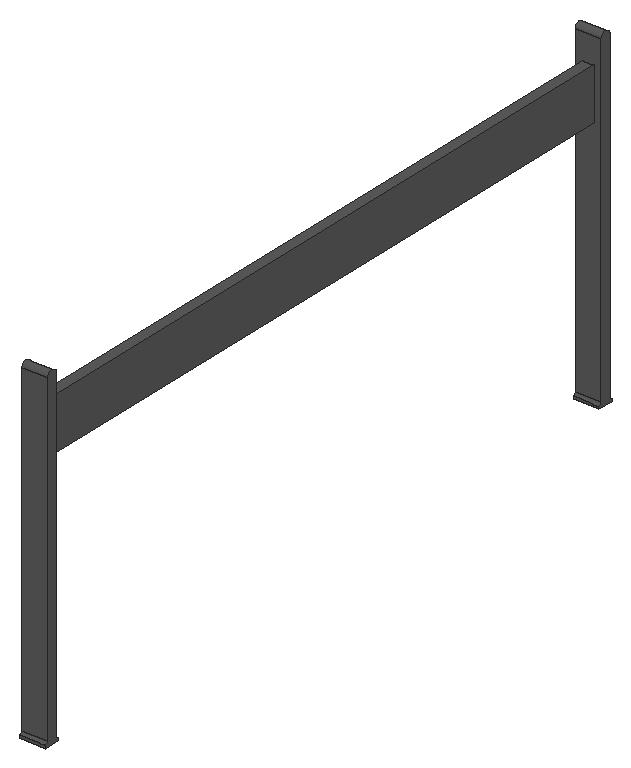
Revit family "FU_Leg_LAP0100", category Furniture, Revit 2020
Family settings
  OmniClass Number = 23.40.20.00
  OmniClass Title = General Furniture and Specialties
  Work Plane-Based = No
  Always vertical = Yes
  Cut with Voids When Loaded = No
  Shared = No
  Room Calculation Point = No
Parameters (values of type "LAP0100")
  URL = "https://www.sandlerseating.com/product/lapse-metal-leg/"
  Model = "LAP0100"
  Manufacturer = "Sandler"
  Frame [instance] = Epoxy - M1_B00 - Black
  Description = "Steel legs for Lapse, finished in black or white epoxy paint."
  Default Elevation = 0 mm
Reference planes
  plane 1 "Center (Front/Back)": y = 0
  plane 2: z = 0
  plane 3 "Center (Left/Right)": x = 0
Forms (mm)
  Extrusion 1, solid, material "Epoxy - M1_B00 - Black" <- "Frame"
    sketch origin (0, 0, 0) x (0, 1, 0) y (0, 0, 1)
      loop
        arc (-330, 320) -> (-335, 325) -> (-340, 320) r 5
        line (-340, 320) -> (-340, 5)
        arc (-340, 5) -> (-340.732, 3.232) -> (-342.5, 2.5) r 2.5
        line (-342.5, 2.5) -> (-342.5, 0) -> (-327.5, 0) -> (-327.5, 2.5)
        arc (-327.5, 2.5) -> (-329.268, 3.232) -> (-330, 5) r 2.5
        line (-330, 5) -> (-330, 320)
    from 12.5 to -12.5
  Extrusion 2, solid, material "Epoxy - M1_B00 - Black" <- "Frame"
    sketch origin (0, 0, 0) x (0, -1, 0) y (0, 0, -1)
      loop
        line (-330, -320) -> (-330, -5)
        arc (-330, -5) -> (-329.268, -3.232) -> (-327.5, -2.5) r 2.5
        line (-327.5, -2.5) -> (-327.5, 0) -> (-342.5, 0) -> (-342.5, -2.5)
        arc (-342.5, -2.5) -> (-340.732, -3.232) -> (-340, -5) r 2.5
        line (-340, -5) -> (-340, -320)
        arc (-340, -320) -> (-335, -325) -> (-330, -320) r 5
    from 12.5 to -12.5
  Extrusion 3, solid, material "Epoxy - M1_B00 - Black" <- "Frame"
    sketch origin (0, 0, 0) x (0, 1, 0) y (0, 0, 1)
      loop
        line (330, 295) -> (-330, 295) -> (-330, 245) -> (330, 245) -> (330, 295)
    from 5 to -5
Dimensions and locks
  aligned and locked: level to plane 2
  aligned and locked: Extrusion 3 sketch curve to Extrusion 2
